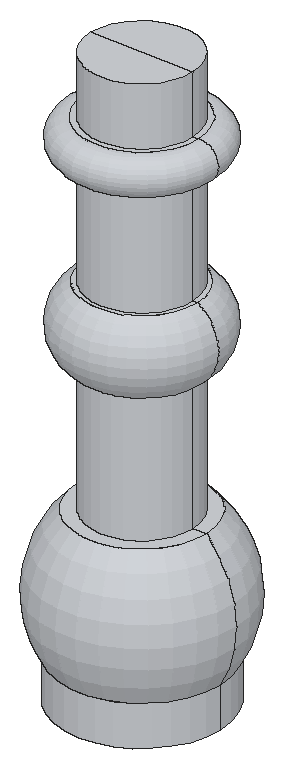
Revit family
Parameters (values of type "Balustrade I36")
  Width = 0' - 6 7/16"
  URL = "www.strombergarchitectural.com"
  Top Material = none
  Submittal Sheet = "www.strombergarchitectural.com/images/materials/gfrc/submittal/gfrc-submittal-sheet.pdf"
  Specifications = "www.strombergarchitectural.com/gfrcspecifications"
  Model Cut-sheet = "http://www.strombergarchitectural.com/products/balustrade/design/I36"
  Model = "Balustrade I36"
  Manufacturer = "Stromberg Architectural Products"
  Guidebook = "www.strombergarchitectural.com/images/materials/gfrc/handbooks/gfrc_guidebook.pdf   \r\n(http://www.strombergarchitectural.com/images/materials/gfrc/handbooks/gfrc_guidebook.pdf"
  Description = "GFRC Baluster"
  Assembly Code = ""
  Height = 3' - 0 3/4"
  XXX.5 = no
  XXX.4 = no
  XXX.3 = no
  XXX.2 = no
  XXX.1 = yes
Reference planes (in)
  plane 1 "Center (Front/Back)": y = 3.74847
  plane 2: z = 0
  plane 3 "Center (Left/Right)": x = 0.7278
  plane 4 "Front": y = -3.25153
  plane 5 "Back": y = 10.74847
  plane 6 "Left": x = -17.2722
  plane 7 "Right": x = 18.7278
Forms (in)
  Revolve 1, solid
    sketch origin (0, 3.74847, 0) x (1, 0, 0) y (0, 0, 1)
      loop
        line (0.7278, 36.75) -> (-2.50483, 36.75) -> (-2.50483, 33.07829) -> (-2.87251, 33.07829)
        arc (-2.87251, 33.07829) -> (-4.14216, 31.92986) -> (-2.87251, 30.78143) r 1.15422
        line (-2.87251, 30.78143) -> (-2.50483, 30.78143) -> (-2.50483, 23.76361) -> (-2.79461, 23.76361)
        arc (-2.79461, 23.76361) -> (-4.14216, 21.41758) -> (-2.79461, 19.07155) r 2.71594
        line (-2.79461, 19.07155) -> (-2.50483, 19.07155) -> (-2.50483, 10.82067) -> (-3.36616, 10.82067)
        arc (-3.36616, 10.82067) -> (-5.27133, 6.85153) -> (-4.2603, 2.56648) r 6.60827
        line (-4.2603, 2.56648) -> (-4.2603, 0) -> (0.7278, 0) -> (0.7278, 36.75)
      axis (0.7278, 36.75) -> (0.7278, 0)
    angle from 0 to 360
Dimensions and locks (in)
  aligned and locked: level to plane 2
